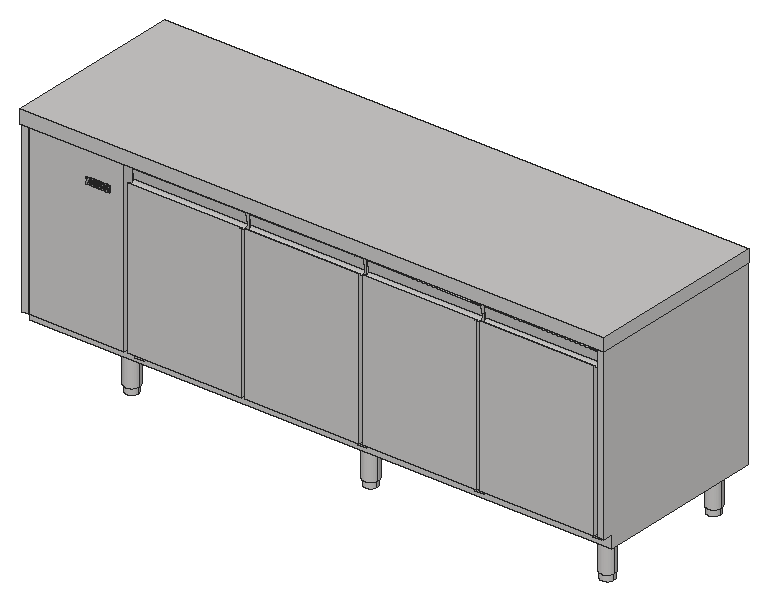
Revit family "QF_ZANUSSI_111053_ZH4HBAAAA", category Specialty Equipment, Revit 2018
Family settings
  Round Connector Dimension = Use Diameter
  Part Type = Normal
  Work Plane-Based = No
  Always vertical = Yes
  Cut with Voids When Loaded = No
  Shared = No
  Room Calculation Point = No
Parameters
  Weight = 0.00 kg
  Watts = 0.0232258 W
  Volts = 220 V
  URL Manufacturer = "http://www.zanussiprofessional.com/"
  URL = "http://www.zanussiprofessional.com/"
  Steam Supply Size = 0 mm
  Steam Supply Minimum Pressure = 0.0 Pa
  Steam Supply Maximum Pressure = 0.0 Pa
  Steam Pounds per Hour = 0
  Show Logo [instance] = yes
  Show Clearance [instance] = yes
  Refrigeration Suction Line Size = 0 mm
  Refrigeration Liquid Line Size = 0 mm
  Refrigerant Compressor Remote = yes
  Manufacturer = "Zanussi"
  Phase = 1
  Model = "ZH4HBAAAA"
  Length Actual = 2253 mm  # constant formula
  Item Number = "111053"
  Hot Water Size = 0 mm
  Height Actual = 900 mm  # constant formula
  HP = "0.3 HP"
  Gas Size = 0 mm
  Gas KW = 0
  Gas Input Pressure = 0 W
  Description = "4 DOORS REFRIGERATED TABLE 590L"
  Depth Actual = 700 mm  # constant formula
  Cycle = 50 Hz
  Condensate Return Size = 0 mm
  Compressed Air Volume = 0.0 L/s
  Compressed Air Size = 0 mm
  Compressed Air Pressure = 0.0 Pa
  Cold Water Size = 0 mm
  Accessory = yes
Reference planes
  plane 1 "Center X": y = 182.5
  plane 2: z = 0
  plane 3 "Center Y": x = -580.5
  plane 4: y = -62.5
  plane 5: y = 451.5
  plane 6 "BACK": y = 532.5
  plane 7 "FRONT": y = -167.5
  plane 8: x = -1360
  plane 9: x = 478
  plane 10: z = 150
  plane 11 "TOP": z = 900
  plane 12: z = 850
  plane 13 "LEFT": x = -1705
  plane 14 "RIGHT": x = 544
  plane 15: x = -437
  plane 16: x = -1707
  plane 17: x = 546
Forms (mm)
  Extrusion 1, solid, material "QF_Finishes_Stainless Steel"
    sketch origin (-580.5, 2, 0) x (0, 1, 0) y (0, 0, 1)
      loop
        line (530.5, 150) -> (530.5, 850) -> (-124.5, 850) -> (-124.5, 150) -> (530.5, 150)
    from -1124.5 to 1124.5
  Extrusion 2, solid, material "QF_Finishes_Stainless Steel"
    sketch origin (-1022.223, -1524, 150) x (-1, 0, 0) y (0, -1, 0)
      loop
        line (682.777, -1361.5) -> (657.777, -1361.5) -> (657.777, -1401.5) -> (682.777, -1401.5) -> (682.777, -1361.5)
      loop
        line (-1566.223, -1401.5) -> (-1541.223, -1401.5) -> (-1541.223, -1361.5) -> (-1566.223, -1361.5) -> (-1566.223, -1401.5)
    from 47 to 700
  Extrusion 3, solid, material "QF_Finishes_Stainless Steel"
    sketch origin (0, 0, 900) x (-1, 0, 0) y (0, -1, 0)
      loop
        circle (-57, -94.5) r 8.45
      loop
        circle (851, -94.5) r 8.45
    from -790.577 to -750
  Extrusion 4, solid, material "QF_Finishes_Stainless Steel"
    sketch origin (0, 0, 0) x (1, 0, 0) y (0, 1, 0)
      loop
        circle (-1621, 451.5) r 4
    from 109.423 to 150
  Extrusion 5, solid, material "QF_Finishes_Stainless Steel"
    sketch origin (-126.5, 0, 0) x (0, 1, 0) y (0, 0, 1)
      loop
        line (-167.5, 900) -> (-167.5, 850) -> (532.5, 850) -> (532.5, 900) -> (-167.5, 900)
    from 672.5 to -1580.5
Cuts and joins
  joined: Extrusion 1, Extrusion 2
Lines and regions (mm)
  symbolic lines, style "SpecialityEquipmentHiddenLines"
    curve 1: line (-1707, -122.5, 900) -> (546, -122.5, 900)
    curve 2: line (-1304, -167.5, 900) -> (-1304, -122.5, 900)
  symbolic lines, style "SpecialityEquipment"
    curve 3: line (-1707, 532.5, 900) -> (546, 532.5, 900)
    curve 4: line (-1707, 532.5, 900) -> (-1707, -167.5, 900)
    curve 5: line (-1707, -167.5, 900) -> (546, -167.5, 900)
    curve 6: line (546, -167.5, 900) -> (546, 532.5, 900)
Dimensions and locks
  locked: plane 6 "BACK" to plane 7 "FRONT" at 700
  equal spacing: plane 6 "BACK", plane 1 "Center X", plane 7 "FRONT"
  locked: plane 6 "BACK" to plane 5 at 81
  plane 10 to level = 150 mm
  plane 11 "TOP" to plane 12 to plane 10 = 50 mm locked, 700 mm locked
  locked: Extrusion 2 sketch curve to Extrusion 2 sketch curve at 25  (x2)
  locked: plane 4 to plane 7 "FRONT" at 105
  locked: plane 6 "BACK" to Extrusion 3 sketch curve at 438  (x2)
  equal spacing: plane 13 "LEFT", plane 3 "Center Y", plane 14 "RIGHT"
  plane 16 to plane 17 = 2253 mm
  locked: plane 13 "LEFT" to plane 8 at 345
  plane 15 to plane 9 to plane 14 "RIGHT" = 915 mm locked, 66 mm locked
  Extrusion 3 sketch curve to Extrusion 3 sketch curve to plane 14 "RIGHT" = 908 mm locked, 487 mm locked
  plane 13 "LEFT" to Extrusion 4 sketch curve = 84 mm
  locked: plane 6 "BACK" to Extrusion 4 sketch curve at 81
  locked: plane 10 to Extrusion 4 at 40.577
  aligned and locked: level to plane 2
  aligned and locked: plane 10 to Extrusion 3
  aligned and locked: nested 4 to plane 4
  aligned and locked: nested 1 to plane 4
  aligned and locked: nested 3 to plane 5
  aligned and locked: nested 2 to plane 5
  aligned and locked: plane 8 to nested 1
  aligned and locked: plane 8 to nested 2
  aligned and locked: plane 9 to nested 4
  aligned and locked: plane 9 to nested 3
  aligned and locked: Extrusion 1 to Extrusion 2
  aligned and locked: Extrusion 2 to Extrusion 1
  aligned and locked: Extrusion 2 sketch curve to plane 14 "RIGHT"
  aligned and locked: plane 13 "LEFT" to Extrusion 2 sketch curve
  aligned and locked: cut or joined group of Extrusion 1, Extrusion 2 to plane 10
  aligned and locked: plane 12 to cut or joined group of Extrusion 1, Extrusion 2
  aligned and locked: plane 10 to Extrusion 4
  aligned and locked: plane 15 to nested 11
  aligned and locked: plane 15 to nested 12
Automatic sketch dimensions
  plane 7 "FRONT" to Extrusion 2 sketch curve = 45 mm  (x2)
  plane 7 "FRONT" to Extrusion 2 sketch curve = 5 mm  (x2)
  curve 2 to plane 7 "FRONT" = 0 mm
  curve 5 to plane 16 = 0 mm
  curve 3 to plane 6 "BACK" = 0 mm
  plane 8 to curve 2 = 56 mm
  plane 7 "FRONT" to curve 1 = 45 mm
  Extrusion 1 sketch curve to plane 10 = 0 mm
  Extrusion 1 sketch curve to plane 12 = 0 mm
  Extrusion 1 sketch curve to plane 6 "BACK" = 0 mm
  plane 7 "FRONT" to Extrusion 1 sketch curve = 45 mm
  Extrusion 5 sketch curve to plane 7 "FRONT" = 0 mm
  Extrusion 5 sketch curve to plane 6 "BACK" = 0 mm
  Extrusion 5 sketch curve to plane 12 = 0 mm
  Extrusion 5 sketch curve to plane 11 "TOP" = 0 mm
  curve 6 to plane 17 = 0 mm
  radius of Extrusion 3 sketch curve = 8.45 mm  (x2)
  radius of Extrusion 4 sketch curve = 4 mm
Nested families
  nested 1: "Foot_Ø50_H150" at (-1360, -62.5, 0), type "Foot_Ø50_H150"
  nested 2: "Foot_Ø50_H150" at (-1360, 451.5, 0), type "Foot_Ø50_H150"
  nested 3: "Foot_Ø50_H150" at (478, 451.5, 0), type "Foot_Ø50_H150"
  nested 4: "Foot_Ø50_H150" at (478, -62.5, 0), type "Foot_Ø50_H150"
  nested 5: "Door" at (285, -164.5, 0), Show Clearance <- "Show Clearance", type "Door"
  nested 6: "Door" at (-169, -164.5, 0), Show Clearance <- "Show Clearance", type "Door"
  nested 7: "Refrigerator" at (544, -167.5, 900), type "Refrigerator"
  nested 8: "ZAN_Cooling Unit" at (-1495.5, -164.5, 0), Show Logo <- "Show Logo", type "ZAN_Cooling Unit"
  nested 9: "Door" at (-623, -164.5, 0), Show Clearance <- "Show Clearance", type "Door"
  nested 10: "Door" at (-1077, -164.5, 0) x (-1, 0, 0) z (0, 0, 1), Show Clearance <- "Show Clearance", type "Door"
  nested 11: "Foot_Ø50_H150" at (-437, -62.5, 0), type "Foot_Ø50_H150"
  nested 12: "Foot_Ø50_H150" at (-437, 451.5, 0), type "Foot_Ø50_H150"
Connectors
  electrical at (-1621, 451.5, 109.423), driven by "Volts"
    settings: on Extrusion 4, index 4, voltage 220 V, apparent load 0 VA, apparent load phase1 0 VA, apparent load phase2 0 VA, apparent load phase3 0 VA, power factor 1, load classification "Altro", number of poles 1, system type 30, power factor state 1, is connector primary yes, connector utility no, sub classification motor no, connector description "Electrical Connection"
  piping at (57, 94.5, 109.423), diameter 17
    settings: on Extrusion 3, index 5, connector inside diameter 609.6 mm, connector length 0 mm, flow factor 0, pipe flow 0.0 L/s, pressure drop 0.0 Pa, fitting loss kfactor 0, connector angle 0.00°, fixture units 0, engagement length 0 mm, angle of deflection 0.00°, flow configuration 1, flow direction 2, fitting loss method 0, system type 16, joint type 0, gender type 0, connector reference index -1, connector utility 0, adjustable connector no, is connector primary yes, connector description "Drain"
  piping at (-851, 94.5, 109.423), diameter 17
    settings: on Extrusion 3, index 6, connector inside diameter 609.6 mm, connector length 0 mm, flow factor 0, pipe flow 0.0 L/s, pressure drop 0.0 Pa, fitting loss kfactor 0, connector angle 0.00°, fixture units 0, engagement length 0 mm, angle of deflection 0.00°, flow configuration 1, flow direction 2, fitting loss method 0, system type 16, joint type 0, gender type 0, connector reference index -1, connector utility 0, adjustable connector no, is connector primary no, connector description "Drain"
Definition of nested family "Foot_Ø50_H150"
  Reference planes
    plane 1 "Centro (Fronte/Retro)": y = 0
    plane 2: z = 0
    plane 3 "Centro (Sinistra/Destra)": x = 0
    plane 4: z = 150
  Forms (mm)
    Revolve 1, solid
      sketch origin (255.05, 0, 608.09) x (0, 0, 1) y (-1, 0, 0)
        loop
          line (-608.09, 255.05) -> (-608.09, 230.05) -> (-583.09, 230.05) -> (-583.09, 226.05) -> (-458.09, 226.05) -> (-458.09, 255.05) -> (-608.09, 255.05)
        axis (-608.09, 255.05) -> (-458.09, 255.05)
      angle from 0 to 360
  Dimensions and locks
    locked: Revolve 1 sketch curve to Revolve 1 sketch curve at 125
    aligned and locked: level to plane 2
    aligned and locked: plane 4 to Revolve 1 sketch curve
    aligned and locked: Revolve 1 sketch curve to level
    aligned and locked: plane 3 "Centro (Sinistra/Destra)" to Revolve 1 sketch curve
Definition of nested family "Door"
  Parameters
    Show Clearance [instance] = yes
  Reference planes
    plane 1 "FRONT": y = -3
    plane 2: z = 0
    plane 3 "Centro (Sinistra/Destra)": x = 0
    plane 4: z = 150
    plane 5: z = 850
    plane 6: x = -234
    plane 7: x = 234
    plane 8: x = -220
    plane 9: x = 220
  Forms (mm)
    Extrusion 1, solid
      sketch origin (0, 53, 511) x (0, 0, 1) y (0, -1, 0)
        loop
          line (-323.003, 28.5) -> (-316.501, 28.5) -> (-316.501, 31) -> (-325.503, 31) -> (-325.503, 13.5) -> (-345.503, 13.5) -> (-345.503, 11) -> (-323.003, 11) -> (-323.003, 23.259) -> (-323.003, 28.5)
        loop
          line (-314, 27) -> (-316.501, 27) -> (-316.501, 18.501) -> (-319.752, 18.501) -> (-319.752, 16) -> (-314, 16) -> (-314, 27)
        loop
          line (315.003, 27) -> (315.003, 13.948) -> (315.003, 11) -> (327.503, 11) -> (327.503, 13.5) -> (317.503, 13.5) -> (317.503, 27) -> (315.003, 27)
      from 185 to 220
    Extrusion 2, solid, visible <- "Show Clearance", detail levels coarse
      sketch origin (0, 53, 511) x (0, -1, 0) y (1, 0, 0)
        loop
          line (51, 220) -> (51, -220)
          arc (51, -220) -> (339.234, -79.44) -> (454, 220) r 437.168
          line (454, 220) -> (51, 220)
      from -314 to 314
    Extrusion 3, solid
      sketch origin (0, 55, 511) x (0, 0, 1) y (0, -1, 0)
        loop
          line (314, 18) -> (314, 29) -> (274.395, 22.5)
          arc (274.395, 22.5) -> (260.395, 36.5) -> (274.395, 50.5) r 14
          line (274.395, 50.5) -> (274.395, 53) -> (-314, 53) -> (-314, 18) -> (314, 18)
      from -220 to 220
  Lines and regions (mm)
    symbolic lines
      curve 1: line (220, -3, 0) -> (220, -401, 0)
      curve 2: line (220, -401, 0) -> (185, -401, 0)
      curve 3: line (185, -401, 0) -> (185, -3, 0)
      curve 4: arc (-219.722, -3, 0) -> (-89.51, -275.368, 0) -> (185, -401, 0) r 442.855
  Dimensions and locks
    aligned and locked: level to plane 2
Definition of nested family "ZAN_Cooling Unit"
  Parameters
    Show Logo [instance] = yes
  Reference planes
    plane 1 "FRONT": y = -3
    plane 2: z = 0
    plane 3 "Centro (Sinistra/Destra)": x = 0
    plane 4: z = 150
    plane 5: z = 850
    plane 6: x = -184.5
    plane 7: x = 184.5
  Forms (mm)
    Extrusion 1, solid
      sketch origin (0, 55, 511) x (0, 0, 1) y (0, -1, 0)
        loop
          line (-314, 53) -> (-314, 13) -> (339, 13) -> (339, 53) -> (-314, 53)
      from -184.5 to 184.5
  Lines and regions (mm)
    Split face 1
      outline origin (0, 2, 197) x (0, 0, 1) y (-1, 0, 0)
        loop
          line (566.835, 184.5) -> (566.835, -184.5)
        loop
          line (521.835, 184.5) -> (521.835, -184.5)
    Split face 2
      outline origin (0, 2, 197) x (0, 0, 1) y (-1, 0, 0)
        loop
          arc (510.649, 158.547) -> (506.648, 162.548) -> (502.647, 158.547) r 4.001
          line (502.647, 158.547) -> (502.647, 116.535)
          arc (502.647, 116.535) -> (506.648, 112.533) -> (510.649, 116.535) r 4.001
          line (510.649, 116.535) -> (510.649, 158.547)
    Split face 3
      outline origin (0, 2, 184.996) x (0, 0, 1) y (-1, 0, 0)
        loop
          arc (510.649, 158.547) -> (506.648, 162.548) -> (502.647, 158.547) r 4.001
          line (502.647, 158.547) -> (502.647, 116.535)
          arc (502.647, 116.535) -> (506.648, 112.533) -> (510.649, 116.535) r 4.001
          line (510.649, 116.535) -> (510.649, 158.547)
    Split face 4
      outline origin (0, 2, 172.993) x (0, 0, 1) y (-1, 0, 0)
        loop
          arc (510.649, 158.547) -> (506.648, 162.548) -> (502.647, 158.547) r 4.001
          line (502.647, 158.547) -> (502.647, 116.535)
          arc (502.647, 116.535) -> (506.648, 112.533) -> (510.649, 116.535) r 4.001
          line (510.649, 116.535) -> (510.649, 158.547)
    Split face 5
      outline origin (0, 2, 160.989) x (0, 0, 1) y (-1, 0, 0)
        loop
          arc (510.649, 158.547) -> (506.648, 162.548) -> (502.647, 158.547) r 4.001
          line (502.647, 158.547) -> (502.647, 116.535)
          arc (502.647, 116.535) -> (506.648, 112.533) -> (510.649, 116.535) r 4.001
          line (510.649, 116.535) -> (510.649, 158.547)
    Split face 6
      outline origin (0, 2, 148.986) x (0, 0, 1) y (-1, 0, 0)
        loop
          arc (510.649, 158.547) -> (506.648, 162.548) -> (502.647, 158.547) r 4.001
          line (502.647, 158.547) -> (502.647, 116.535)
          arc (502.647, 116.535) -> (506.648, 112.533) -> (510.649, 116.535) r 4.001
          line (510.649, 116.535) -> (510.649, 158.547)
    Split face 7
      outline origin (0, 2, 136.982) x (0, 0, 1) y (-1, 0, 0)
        loop
          arc (510.649, 158.547) -> (506.648, 162.548) -> (502.647, 158.547) r 4.001
          line (502.647, 158.547) -> (502.647, 116.535)
          arc (502.647, 116.535) -> (506.648, 112.533) -> (510.649, 116.535) r 4.001
          line (510.649, 116.535) -> (510.649, 158.547)
    Split face 8
      outline origin (0, 2, 124.979) x (0, 0, 1) y (-1, 0, 0)
        loop
          arc (510.649, 158.547) -> (506.648, 162.548) -> (502.647, 158.547) r 4.001
          line (502.647, 158.547) -> (502.647, 116.535)
          arc (502.647, 116.535) -> (506.648, 112.533) -> (510.649, 116.535) r 4.001
          line (510.649, 116.535) -> (510.649, 158.547)
    Split face 9
      outline origin (0, 2, 112.975) x (0, 0, 1) y (-1, 0, 0)
        loop
          arc (510.649, 158.547) -> (506.648, 162.548) -> (502.647, 158.547) r 4.001
          line (502.647, 158.547) -> (502.647, 116.535)
          arc (502.647, 116.535) -> (506.648, 112.533) -> (510.649, 116.535) r 4.001
          line (510.649, 116.535) -> (510.649, 158.547)
    Split face 10
      outline origin (0, 2, 100.972) x (0, 0, 1) y (-1, 0, 0)
        loop
          arc (510.649, 158.547) -> (506.648, 162.548) -> (502.647, 158.547) r 4.001
          line (502.647, 158.547) -> (502.647, 116.535)
          arc (502.647, 116.535) -> (506.648, 112.533) -> (510.649, 116.535) r 4.001
          line (510.649, 116.535) -> (510.649, 158.547)
    Split face 11
      outline origin (0, 2, 88.968) x (0, 0, 1) y (-1, 0, 0)
        loop
          arc (510.649, 158.547) -> (506.648, 162.548) -> (502.647, 158.547) r 4.001
          line (502.647, 158.547) -> (502.647, 116.535)
          arc (502.647, 116.535) -> (506.648, 112.533) -> (510.649, 116.535) r 4.001
          line (510.649, 116.535) -> (510.649, 158.547)
    Split face 12
      outline origin (0, 2, 76.965) x (0, 0, 1) y (-1, 0, 0)
        loop
          arc (510.649, 158.547) -> (506.648, 162.548) -> (502.647, 158.547) r 4.001
          line (502.647, 158.547) -> (502.647, 116.535)
          arc (502.647, 116.535) -> (506.648, 112.533) -> (510.649, 116.535) r 4.001
          line (510.649, 116.535) -> (510.649, 158.547)
    Split face 13
      outline origin (0, 2, 64.961) x (0, 0, 1) y (-1, 0, 0)
        loop
          arc (510.649, 158.547) -> (506.648, 162.548) -> (502.647, 158.547) r 4.001
          line (502.647, 158.547) -> (502.647, 116.535)
          arc (502.647, 116.535) -> (506.648, 112.533) -> (510.649, 116.535) r 4.001
          line (510.649, 116.535) -> (510.649, 158.547)
    Split face 14
      outline origin (0, 2, 52.958) x (0, 0, 1) y (-1, 0, 0)
        loop
          arc (510.649, 158.547) -> (506.648, 162.548) -> (502.647, 158.547) r 4.001
          line (502.647, 158.547) -> (502.647, 116.535)
          arc (502.647, 116.535) -> (506.648, 112.533) -> (510.649, 116.535) r 4.001
          line (510.649, 116.535) -> (510.649, 158.547)
    Split face 15
      outline origin (0, 2, 40.954) x (0, 0, 1) y (-1, 0, 0)
        loop
          arc (510.649, 158.547) -> (506.648, 162.548) -> (502.647, 158.547) r 4.001
          line (502.647, 158.547) -> (502.647, 116.535)
          arc (502.647, 116.535) -> (506.648, 112.533) -> (510.649, 116.535) r 4.001
          line (510.649, 116.535) -> (510.649, 158.547)
    Split face 16
      outline origin (0, 2, 28.951) x (0, 0, 1) y (-1, 0, 0)
        loop
          arc (510.649, 158.547) -> (506.648, 162.548) -> (502.647, 158.547) r 4.001
          line (502.647, 158.547) -> (502.647, 116.535)
          arc (502.647, 116.535) -> (506.648, 112.533) -> (510.649, 116.535) r 4.001
          line (510.649, 116.535) -> (510.649, 158.547)
    Split face 17
      outline origin (0, 2, 16.947) x (0, 0, 1) y (-1, 0, 0)
        loop
          arc (510.649, 158.547) -> (506.648, 162.548) -> (502.647, 158.547) r 4.001
          line (502.647, 158.547) -> (502.647, 116.535)
          arc (502.647, 116.535) -> (506.648, 112.533) -> (510.649, 116.535) r 4.001
          line (510.649, 116.535) -> (510.649, 158.547)
    Split face 18
      outline origin (55.016, 2, 197) x (0, 0, 1) y (-1, 0, 0)
        loop
          arc (510.649, 158.547) -> (506.648, 162.548) -> (502.647, 158.547) r 4.001
          line (502.647, 158.547) -> (502.647, 116.535)
          arc (502.647, 116.535) -> (506.648, 112.533) -> (510.649, 116.535) r 4.001
          line (510.649, 116.535) -> (510.649, 158.547)
    Split face 19
      outline origin (55.016, 2, 184.996) x (0, 0, 1) y (-1, 0, 0)
        loop
          arc (510.649, 158.547) -> (506.648, 162.548) -> (502.647, 158.547) r 4.001
          line (502.647, 158.547) -> (502.647, 116.535)
          arc (502.647, 116.535) -> (506.648, 112.533) -> (510.649, 116.535) r 4.001
          line (510.649, 116.535) -> (510.649, 158.547)
    Split face 20
      outline origin (55.016, 2, 172.993) x (0, 0, 1) y (-1, 0, 0)
        loop
          arc (510.649, 158.547) -> (506.648, 162.548) -> (502.647, 158.547) r 4.001
          line (502.647, 158.547) -> (502.647, 116.535)
          arc (502.647, 116.535) -> (506.648, 112.533) -> (510.649, 116.535) r 4.001
          line (510.649, 116.535) -> (510.649, 158.547)
    Split face 21
      outline origin (55.016, 2, 160.989) x (0, 0, 1) y (-1, 0, 0)
        loop
          arc (510.649, 158.547) -> (506.648, 162.548) -> (502.647, 158.547) r 4.001
          line (502.647, 158.547) -> (502.647, 116.535)
          arc (502.647, 116.535) -> (506.648, 112.533) -> (510.649, 116.535) r 4.001
          line (510.649, 116.535) -> (510.649, 158.547)
    Split face 22
      outline origin (55.016, 2, 148.986) x (0, 0, 1) y (-1, 0, 0)
        loop
          arc (510.649, 158.547) -> (506.648, 162.548) -> (502.647, 158.547) r 4.001
          line (502.647, 158.547) -> (502.647, 116.535)
          arc (502.647, 116.535) -> (506.648, 112.533) -> (510.649, 116.535) r 4.001
          line (510.649, 116.535) -> (510.649, 158.547)
    Split face 23
      outline origin (55.016, 2, 136.982) x (0, 0, 1) y (-1, 0, 0)
        loop
          arc (510.649, 158.547) -> (506.648, 162.548) -> (502.647, 158.547) r 4.001
          line (502.647, 158.547) -> (502.647, 116.535)
          arc (502.647, 116.535) -> (506.648, 112.533) -> (510.649, 116.535) r 4.001
          line (510.649, 116.535) -> (510.649, 158.547)
    Split face 24
      outline origin (55.016, 2, 124.979) x (0, 0, 1) y (-1, 0, 0)
        loop
          arc (510.649, 158.547) -> (506.648, 162.548) -> (502.647, 158.547) r 4.001
          line (502.647, 158.547) -> (502.647, 116.535)
          arc (502.647, 116.535) -> (506.648, 112.533) -> (510.649, 116.535) r 4.001
          line (510.649, 116.535) -> (510.649, 158.547)
    Split face 25
      outline origin (55.016, 2, 112.975) x (0, 0, 1) y (-1, 0, 0)
        loop
          arc (510.649, 158.547) -> (506.648, 162.548) -> (502.647, 158.547) r 4.001
          line (502.647, 158.547) -> (502.647, 116.535)
          arc (502.647, 116.535) -> (506.648, 112.533) -> (510.649, 116.535) r 4.001
          line (510.649, 116.535) -> (510.649, 158.547)
    Split face 26
      outline origin (55.016, 2, 100.972) x (0, 0, 1) y (-1, 0, 0)
        loop
          arc (510.649, 158.547) -> (506.648, 162.548) -> (502.647, 158.547) r 4.001
          line (502.647, 158.547) -> (502.647, 116.535)
          arc (502.647, 116.535) -> (506.648, 112.533) -> (510.649, 116.535) r 4.001
          line (510.649, 116.535) -> (510.649, 158.547)
    Split face 27
      outline origin (55.016, 2, 88.968) x (0, 0, 1) y (-1, 0, 0)
        loop
          arc (510.649, 158.547) -> (506.648, 162.548) -> (502.647, 158.547) r 4.001
          line (502.647, 158.547) -> (502.647, 116.535)
          arc (502.647, 116.535) -> (506.648, 112.533) -> (510.649, 116.535) r 4.001
          line (510.649, 116.535) -> (510.649, 158.547)
    Split face 28
      outline origin (55.016, 2, 76.965) x (0, 0, 1) y (-1, 0, 0)
        loop
          arc (510.649, 158.547) -> (506.648, 162.548) -> (502.647, 158.547) r 4.001
          line (502.647, 158.547) -> (502.647, 116.535)
          arc (502.647, 116.535) -> (506.648, 112.533) -> (510.649, 116.535) r 4.001
          line (510.649, 116.535) -> (510.649, 158.547)
    Split face 29
      outline origin (55.016, 2, 64.961) x (0, 0, 1) y (-1, 0, 0)
        loop
          arc (510.649, 158.547) -> (506.648, 162.548) -> (502.647, 158.547) r 4.001
          line (502.647, 158.547) -> (502.647, 116.535)
          arc (502.647, 116.535) -> (506.648, 112.533) -> (510.649, 116.535) r 4.001
          line (510.649, 116.535) -> (510.649, 158.547)
    Split face 30
      outline origin (55.016, 2, 52.958) x (0, 0, 1) y (-1, 0, 0)
        loop
          arc (510.649, 158.547) -> (506.648, 162.548) -> (502.647, 158.547) r 4.001
          line (502.647, 158.547) -> (502.647, 116.535)
          arc (502.647, 116.535) -> (506.648, 112.533) -> (510.649, 116.535) r 4.001
          line (510.649, 116.535) -> (510.649, 158.547)
    Split face 31
      outline origin (55.016, 2, 40.954) x (0, 0, 1) y (-1, 0, 0)
        loop
          arc (510.649, 158.547) -> (506.648, 162.548) -> (502.647, 158.547) r 4.001
          line (502.647, 158.547) -> (502.647, 116.535)
          arc (502.647, 116.535) -> (506.648, 112.533) -> (510.649, 116.535) r 4.001
          line (510.649, 116.535) -> (510.649, 158.547)
    Split face 32
      outline origin (55.016, 2, 28.951) x (0, 0, 1) y (-1, 0, 0)
        loop
          arc (510.649, 158.547) -> (506.648, 162.548) -> (502.647, 158.547) r 4.001
          line (502.647, 158.547) -> (502.647, 116.535)
          arc (502.647, 116.535) -> (506.648, 112.533) -> (510.649, 116.535) r 4.001
          line (510.649, 116.535) -> (510.649, 158.547)
    Split face 33
      outline origin (55.016, 2, 16.947) x (0, 0, 1) y (-1, 0, 0)
        loop
          arc (510.649, 158.547) -> (506.648, 162.548) -> (502.647, 158.547) r 4.001
          line (502.647, 158.547) -> (502.647, 116.535)
          arc (502.647, 116.535) -> (506.648, 112.533) -> (510.649, 116.535) r 4.001
          line (510.649, 116.535) -> (510.649, 158.547)
    Split face 34
      outline origin (110.032, 2, 197) x (0, 0, 1) y (-1, 0, 0)
        loop
          arc (510.649, 158.547) -> (506.648, 162.548) -> (502.647, 158.547) r 4.001
          line (502.647, 158.547) -> (502.647, 116.535)
          arc (502.647, 116.535) -> (506.648, 112.533) -> (510.649, 116.535) r 4.001
          line (510.649, 116.535) -> (510.649, 158.547)
    Split face 35
      outline origin (110.032, 2, 184.996) x (0, 0, 1) y (-1, 0, 0)
        loop
          arc (510.649, 158.547) -> (506.648, 162.548) -> (502.647, 158.547) r 4.001
          line (502.647, 158.547) -> (502.647, 116.535)
          arc (502.647, 116.535) -> (506.648, 112.533) -> (510.649, 116.535) r 4.001
          line (510.649, 116.535) -> (510.649, 158.547)
    Split face 36
      outline origin (110.032, 2, 172.993) x (0, 0, 1) y (-1, 0, 0)
        loop
          arc (510.649, 158.547) -> (506.648, 162.548) -> (502.647, 158.547) r 4.001
          line (502.647, 158.547) -> (502.647, 116.535)
          arc (502.647, 116.535) -> (506.648, 112.533) -> (510.649, 116.535) r 4.001
          line (510.649, 116.535) -> (510.649, 158.547)
    Split face 37
      outline origin (110.032, 2, 160.989) x (0, 0, 1) y (-1, 0, 0)
        loop
          arc (510.649, 158.547) -> (506.648, 162.548) -> (502.647, 158.547) r 4.001
          line (502.647, 158.547) -> (502.647, 116.535)
          arc (502.647, 116.535) -> (506.648, 112.533) -> (510.649, 116.535) r 4.001
          line (510.649, 116.535) -> (510.649, 158.547)
    Split face 38
      outline origin (110.032, 2, 148.986) x (0, 0, 1) y (-1, 0, 0)
        loop
          arc (510.649, 158.547) -> (506.648, 162.548) -> (502.647, 158.547) r 4.001
          line (502.647, 158.547) -> (502.647, 116.535)
          arc (502.647, 116.535) -> (506.648, 112.533) -> (510.649, 116.535) r 4.001
          line (510.649, 116.535) -> (510.649, 158.547)
    Split face 39
      outline origin (110.032, 2, 136.982) x (0, 0, 1) y (-1, 0, 0)
        loop
          arc (510.649, 158.547) -> (506.648, 162.548) -> (502.647, 158.547) r 4.001
          line (502.647, 158.547) -> (502.647, 116.535)
          arc (502.647, 116.535) -> (506.648, 112.533) -> (510.649, 116.535) r 4.001
          line (510.649, 116.535) -> (510.649, 158.547)
    Split face 40
      outline origin (110.032, 2, 124.979) x (0, 0, 1) y (-1, 0, 0)
        loop
          arc (510.649, 158.547) -> (506.648, 162.548) -> (502.647, 158.547) r 4.001
          line (502.647, 158.547) -> (502.647, 116.535)
          arc (502.647, 116.535) -> (506.648, 112.533) -> (510.649, 116.535) r 4.001
          line (510.649, 116.535) -> (510.649, 158.547)
    Split face 41
      outline origin (110.032, 2, 112.975) x (0, 0, 1) y (-1, 0, 0)
        loop
          arc (510.649, 158.547) -> (506.648, 162.548) -> (502.647, 158.547) r 4.001
          line (502.647, 158.547) -> (502.647, 116.535)
          arc (502.647, 116.535) -> (506.648, 112.533) -> (510.649, 116.535) r 4.001
          line (510.649, 116.535) -> (510.649, 158.547)
    Split face 42
      outline origin (110.032, 2, 100.972) x (0, 0, 1) y (-1, 0, 0)
        loop
          arc (510.649, 158.547) -> (506.648, 162.548) -> (502.647, 158.547) r 4.001
          line (502.647, 158.547) -> (502.647, 116.535)
          arc (502.647, 116.535) -> (506.648, 112.533) -> (510.649, 116.535) r 4.001
          line (510.649, 116.535) -> (510.649, 158.547)
    Split face 43
      outline origin (110.032, 2, 88.968) x (0, 0, 1) y (-1, 0, 0)
        loop
          arc (510.649, 158.547) -> (506.648, 162.548) -> (502.647, 158.547) r 4.001
          line (502.647, 158.547) -> (502.647, 116.535)
          arc (502.647, 116.535) -> (506.648, 112.533) -> (510.649, 116.535) r 4.001
          line (510.649, 116.535) -> (510.649, 158.547)
    Split face 44
      outline origin (110.032, 2, 76.965) x (0, 0, 1) y (-1, 0, 0)
        loop
          arc (510.649, 158.547) -> (506.648, 162.548) -> (502.647, 158.547) r 4.001
          line (502.647, 158.547) -> (502.647, 116.535)
          arc (502.647, 116.535) -> (506.648, 112.533) -> (510.649, 116.535) r 4.001
          line (510.649, 116.535) -> (510.649, 158.547)
    Split face 45
      outline origin (110.032, 2, 64.961) x (0, 0, 1) y (-1, 0, 0)
        loop
          arc (510.649, 158.547) -> (506.648, 162.548) -> (502.647, 158.547) r 4.001
          line (502.647, 158.547) -> (502.647, 116.535)
          arc (502.647, 116.535) -> (506.648, 112.533) -> (510.649, 116.535) r 4.001
          line (510.649, 116.535) -> (510.649, 158.547)
    Split face 46
      outline origin (110.032, 2, 52.958) x (0, 0, 1) y (-1, 0, 0)
        loop
          arc (510.649, 158.547) -> (506.648, 162.548) -> (502.647, 158.547) r 4.001
          line (502.647, 158.547) -> (502.647, 116.535)
          arc (502.647, 116.535) -> (506.648, 112.533) -> (510.649, 116.535) r 4.001
          line (510.649, 116.535) -> (510.649, 158.547)
    Split face 47
      outline origin (110.032, 2, 40.954) x (0, 0, 1) y (-1, 0, 0)
        loop
          arc (510.649, 158.547) -> (506.648, 162.548) -> (502.647, 158.547) r 4.001
          line (502.647, 158.547) -> (502.647, 116.535)
          arc (502.647, 116.535) -> (506.648, 112.533) -> (510.649, 116.535) r 4.001
          line (510.649, 116.535) -> (510.649, 158.547)
    Split face 48
      outline origin (110.032, 2, 28.951) x (0, 0, 1) y (-1, 0, 0)
        loop
          arc (510.649, 158.547) -> (506.648, 162.548) -> (502.647, 158.547) r 4.001
          line (502.647, 158.547) -> (502.647, 116.535)
          arc (502.647, 116.535) -> (506.648, 112.533) -> (510.649, 116.535) r 4.001
          line (510.649, 116.535) -> (510.649, 158.547)
    Split face 49
      outline origin (110.032, 2, 16.947) x (0, 0, 1) y (-1, 0, 0)
        loop
          arc (510.649, 158.547) -> (506.648, 162.548) -> (502.647, 158.547) r 4.001
          line (502.647, 158.547) -> (502.647, 116.535)
          arc (502.647, 116.535) -> (506.648, 112.533) -> (510.649, 116.535) r 4.001
          line (510.649, 116.535) -> (510.649, 158.547)
    Split face 50
      outline origin (165.048, 2, 197) x (0, 0, 1) y (-1, 0, 0)
        loop
          arc (510.649, 158.547) -> (506.648, 162.548) -> (502.647, 158.547) r 4.001
          line (502.647, 158.547) -> (502.647, 116.535)
          arc (502.647, 116.535) -> (506.648, 112.533) -> (510.649, 116.535) r 4.001
          line (510.649, 116.535) -> (510.649, 158.547)
    Split face 51
      outline origin (165.048, 2, 184.996) x (0, 0, 1) y (-1, 0, 0)
        loop
          arc (510.649, 158.547) -> (506.648, 162.548) -> (502.647, 158.547) r 4.001
          line (502.647, 158.547) -> (502.647, 116.535)
          arc (502.647, 116.535) -> (506.648, 112.533) -> (510.649, 116.535) r 4.001
          line (510.649, 116.535) -> (510.649, 158.547)
    Split face 52
      outline origin (165.048, 2, 172.993) x (0, 0, 1) y (-1, 0, 0)
        loop
          arc (510.649, 158.547) -> (506.648, 162.548) -> (502.647, 158.547) r 4.001
          line (502.647, 158.547) -> (502.647, 116.535)
          arc (502.647, 116.535) -> (506.648, 112.533) -> (510.649, 116.535) r 4.001
          line (510.649, 116.535) -> (510.649, 158.547)
    Split face 53
      outline origin (165.048, 2, 160.989) x (0, 0, 1) y (-1, 0, 0)
        loop
          arc (510.649, 158.547) -> (506.648, 162.548) -> (502.647, 158.547) r 4.001
          line (502.647, 158.547) -> (502.647, 116.535)
          arc (502.647, 116.535) -> (506.648, 112.533) -> (510.649, 116.535) r 4.001
          line (510.649, 116.535) -> (510.649, 158.547)
    Split face 54
      outline origin (165.048, 2, 148.986) x (0, 0, 1) y (-1, 0, 0)
        loop
          arc (510.649, 158.547) -> (506.648, 162.548) -> (502.647, 158.547) r 4.001
          line (502.647, 158.547) -> (502.647, 116.535)
          arc (502.647, 116.535) -> (506.648, 112.533) -> (510.649, 116.535) r 4.001
          line (510.649, 116.535) -> (510.649, 158.547)
    Split face 55
      outline origin (165.048, 2, 136.982) x (0, 0, 1) y (-1, 0, 0)
        loop
          arc (510.649, 158.547) -> (506.648, 162.548) -> (502.647, 158.547) r 4.001
          line (502.647, 158.547) -> (502.647, 116.535)
          arc (502.647, 116.535) -> (506.648, 112.533) -> (510.649, 116.535) r 4.001
          line (510.649, 116.535) -> (510.649, 158.547)
    Split face 56
      outline origin (165.048, 2, 124.979) x (0, 0, 1) y (-1, 0, 0)
        loop
          arc (510.649, 158.547) -> (506.648, 162.548) -> (502.647, 158.547) r 4.001
          line (502.647, 158.547) -> (502.647, 116.535)
          arc (502.647, 116.535) -> (506.648, 112.533) -> (510.649, 116.535) r 4.001
          line (510.649, 116.535) -> (510.649, 158.547)
    Split face 57
      outline origin (165.048, 2, 112.975) x (0, 0, 1) y (-1, 0, 0)
        loop
          arc (510.649, 158.547) -> (506.648, 162.548) -> (502.647, 158.547) r 4.001
          line (502.647, 158.547) -> (502.647, 116.535)
          arc (502.647, 116.535) -> (506.648, 112.533) -> (510.649, 116.535) r 4.001
          line (510.649, 116.535) -> (510.649, 158.547)
    Split face 58
      outline origin (165.048, 2, 100.972) x (0, 0, 1) y (-1, 0, 0)
        loop
          arc (510.649, 158.547) -> (506.648, 162.548) -> (502.647, 158.547) r 4.001
          line (502.647, 158.547) -> (502.647, 116.535)
          arc (502.647, 116.535) -> (506.648, 112.533) -> (510.649, 116.535) r 4.001
          line (510.649, 116.535) -> (510.649, 158.547)
    Split face 59
      outline origin (165.048, 2, 88.968) x (0, 0, 1) y (-1, 0, 0)
        loop
          arc (510.649, 158.547) -> (506.648, 162.548) -> (502.647, 158.547) r 4.001
          line (502.647, 158.547) -> (502.647, 116.535)
          arc (502.647, 116.535) -> (506.648, 112.533) -> (510.649, 116.535) r 4.001
          line (510.649, 116.535) -> (510.649, 158.547)
    Split face 60
      outline origin (165.048, 2, 76.965) x (0, 0, 1) y (-1, 0, 0)
        loop
          arc (510.649, 158.547) -> (506.648, 162.548) -> (502.647, 158.547) r 4.001
          line (502.647, 158.547) -> (502.647, 116.535)
          arc (502.647, 116.535) -> (506.648, 112.533) -> (510.649, 116.535) r 4.001
          line (510.649, 116.535) -> (510.649, 158.547)
    Split face 61
      outline origin (165.048, 2, 64.961) x (0, 0, 1) y (-1, 0, 0)
        loop
          arc (510.649, 158.547) -> (506.648, 162.548) -> (502.647, 158.547) r 4.001
          line (502.647, 158.547) -> (502.647, 116.535)
          arc (502.647, 116.535) -> (506.648, 112.533) -> (510.649, 116.535) r 4.001
          line (510.649, 116.535) -> (510.649, 158.547)
    Split face 62
      outline origin (165.048, 2, 52.958) x (0, 0, 1) y (-1, 0, 0)
        loop
          arc (510.649, 158.547) -> (506.648, 162.548) -> (502.647, 158.547) r 4.001
          line (502.647, 158.547) -> (502.647, 116.535)
          arc (502.647, 116.535) -> (506.648, 112.533) -> (510.649, 116.535) r 4.001
          line (510.649, 116.535) -> (510.649, 158.547)
    Split face 63
      outline origin (165.048, 2, 40.954) x (0, 0, 1) y (-1, 0, 0)
        loop
          arc (510.649, 158.547) -> (506.648, 162.548) -> (502.647, 158.547) r 4.001
          line (502.647, 158.547) -> (502.647, 116.535)
          arc (502.647, 116.535) -> (506.648, 112.533) -> (510.649, 116.535) r 4.001
          line (510.649, 116.535) -> (510.649, 158.547)
    Split face 64
      outline origin (165.048, 2, 28.951) x (0, 0, 1) y (-1, 0, 0)
        loop
          arc (510.649, 158.547) -> (506.648, 162.548) -> (502.647, 158.547) r 4.001
          line (502.647, 158.547) -> (502.647, 116.535)
          arc (502.647, 116.535) -> (506.648, 112.533) -> (510.649, 116.535) r 4.001
          line (510.649, 116.535) -> (510.649, 158.547)
    Split face 65
      outline origin (165.048, 2, 16.947) x (0, 0, 1) y (-1, 0, 0)
        loop
          arc (510.649, 158.547) -> (506.648, 162.548) -> (502.647, 158.547) r 4.001
          line (502.647, 158.547) -> (502.647, 116.535)
          arc (502.647, 116.535) -> (506.648, 112.533) -> (510.649, 116.535) r 4.001
          line (510.649, 116.535) -> (510.649, 158.547)
    Split face 66
      outline origin (220.064, 2, 197) x (0, 0, 1) y (-1, 0, 0)
        loop
          arc (510.649, 158.547) -> (506.648, 162.548) -> (502.647, 158.547) r 4.001
          line (502.647, 158.547) -> (502.647, 116.535)
          arc (502.647, 116.535) -> (506.648, 112.533) -> (510.649, 116.535) r 4.001
          line (510.649, 116.535) -> (510.649, 158.547)
    Split face 67
      outline origin (220.064, 2, 184.996) x (0, 0, 1) y (-1, 0, 0)
        loop
          arc (510.649, 158.547) -> (506.648, 162.548) -> (502.647, 158.547) r 4.001
          line (502.647, 158.547) -> (502.647, 116.535)
          arc (502.647, 116.535) -> (506.648, 112.533) -> (510.649, 116.535) r 4.001
          line (510.649, 116.535) -> (510.649, 158.547)
    Split face 68
      outline origin (220.064, 2, 172.993) x (0, 0, 1) y (-1, 0, 0)
        loop
          arc (510.649, 158.547) -> (506.648, 162.548) -> (502.647, 158.547) r 4.001
          line (502.647, 158.547) -> (502.647, 116.535)
          arc (502.647, 116.535) -> (506.648, 112.533) -> (510.649, 116.535) r 4.001
          line (510.649, 116.535) -> (510.649, 158.547)
    Split face 69
      outline origin (220.064, 2, 160.989) x (0, 0, 1) y (-1, 0, 0)
        loop
          arc (510.649, 158.547) -> (506.648, 162.548) -> (502.647, 158.547) r 4.001
          line (502.647, 158.547) -> (502.647, 116.535)
          arc (502.647, 116.535) -> (506.648, 112.533) -> (510.649, 116.535) r 4.001
          line (510.649, 116.535) -> (510.649, 158.547)
    Split face 70
      outline origin (220.064, 2, 148.986) x (0, 0, 1) y (-1, 0, 0)
        loop
          arc (510.649, 158.547) -> (506.648, 162.548) -> (502.647, 158.547) r 4.001
          line (502.647, 158.547) -> (502.647, 116.535)
          arc (502.647, 116.535) -> (506.648, 112.533) -> (510.649, 116.535) r 4.001
          line (510.649, 116.535) -> (510.649, 158.547)
    Split face 71
      outline origin (220.064, 2, 136.982) x (0, 0, 1) y (-1, 0, 0)
        loop
          arc (510.649, 158.547) -> (506.648, 162.548) -> (502.647, 158.547) r 4.001
          line (502.647, 158.547) -> (502.647, 116.535)
          arc (502.647, 116.535) -> (506.648, 112.533) -> (510.649, 116.535) r 4.001
          line (510.649, 116.535) -> (510.649, 158.547)
    Split face 72
      outline origin (220.064, 2, 124.979) x (0, 0, 1) y (-1, 0, 0)
        loop
          arc (510.649, 158.547) -> (506.648, 162.548) -> (502.647, 158.547) r 4.001
          line (502.647, 158.547) -> (502.647, 116.535)
          arc (502.647, 116.535) -> (506.648, 112.533) -> (510.649, 116.535) r 4.001
          line (510.649, 116.535) -> (510.649, 158.547)
    Split face 73
      outline origin (220.064, 2, 112.975) x (0, 0, 1) y (-1, 0, 0)
        loop
          arc (510.649, 158.547) -> (506.648, 162.548) -> (502.647, 158.547) r 4.001
          line (502.647, 158.547) -> (502.647, 116.535)
          arc (502.647, 116.535) -> (506.648, 112.533) -> (510.649, 116.535) r 4.001
          line (510.649, 116.535) -> (510.649, 158.547)
    Split face 74
      outline origin (220.064, 2, 100.972) x (0, 0, 1) y (-1, 0, 0)
        loop
          arc (510.649, 158.547) -> (506.648, 162.548) -> (502.647, 158.547) r 4.001
          line (502.647, 158.547) -> (502.647, 116.535)
          arc (502.647, 116.535) -> (506.648, 112.533) -> (510.649, 116.535) r 4.001
          line (510.649, 116.535) -> (510.649, 158.547)
    Split face 75
      outline origin (220.064, 2, 88.968) x (0, 0, 1) y (-1, 0, 0)
        loop
          arc (510.649, 158.547) -> (506.648, 162.548) -> (502.647, 158.547) r 4.001
          line (502.647, 158.547) -> (502.647, 116.535)
          arc (502.647, 116.535) -> (506.648, 112.533) -> (510.649, 116.535) r 4.001
          line (510.649, 116.535) -> (510.649, 158.547)
    Split face 76
      outline origin (220.064, 2, 76.965) x (0, 0, 1) y (-1, 0, 0)
        loop
          arc (510.649, 158.547) -> (506.648, 162.548) -> (502.647, 158.547) r 4.001
          line (502.647, 158.547) -> (502.647, 116.535)
          arc (502.647, 116.535) -> (506.648, 112.533) -> (510.649, 116.535) r 4.001
          line (510.649, 116.535) -> (510.649, 158.547)
    Split face 77
      outline origin (220.064, 2, 64.961) x (0, 0, 1) y (-1, 0, 0)
        loop
          arc (510.649, 158.547) -> (506.648, 162.548) -> (502.647, 158.547) r 4.001
          line (502.647, 158.547) -> (502.647, 116.535)
          arc (502.647, 116.535) -> (506.648, 112.533) -> (510.649, 116.535) r 4.001
          line (510.649, 116.535) -> (510.649, 158.547)
    Split face 78
      outline origin (220.064, 2, 52.958) x (0, 0, 1) y (-1, 0, 0)
        loop
          arc (510.649, 158.547) -> (506.648, 162.548) -> (502.647, 158.547) r 4.001
          line (502.647, 158.547) -> (502.647, 116.535)
          arc (502.647, 116.535) -> (506.648, 112.533) -> (510.649, 116.535) r 4.001
          line (510.649, 116.535) -> (510.649, 158.547)
    Split face 79
      outline origin (220.064, 2, 40.954) x (0, 0, 1) y (-1, 0, 0)
        loop
          arc (510.649, 158.547) -> (506.648, 162.548) -> (502.647, 158.547) r 4.001
          line (502.647, 158.547) -> (502.647, 116.535)
          arc (502.647, 116.535) -> (506.648, 112.533) -> (510.649, 116.535) r 4.001
          line (510.649, 116.535) -> (510.649, 158.547)
    Split face 80
      outline origin (220.064, 2, 28.951) x (0, 0, 1) y (-1, 0, 0)
        loop
          arc (510.649, 158.547) -> (506.648, 162.548) -> (502.647, 158.547) r 4.001
          line (502.647, 158.547) -> (502.647, 116.535)
          arc (502.647, 116.535) -> (506.648, 112.533) -> (510.649, 116.535) r 4.001
          line (510.649, 116.535) -> (510.649, 158.547)
    Split face 81
      outline origin (220.064, 2, 16.947) x (0, 0, 1) y (-1, 0, 0)
        loop
          arc (510.649, 158.547) -> (506.648, 162.548) -> (502.647, 158.547) r 4.001
          line (502.647, 158.547) -> (502.647, 116.535)
          arc (502.647, 116.535) -> (506.648, 112.533) -> (510.649, 116.535) r 4.001
          line (510.649, 116.535) -> (510.649, 158.547)
    Split face 82
      outline origin (275.081, 2, 197) x (0, 0, 1) y (-1, 0, 0)
        loop
          arc (510.649, 158.547) -> (506.648, 162.548) -> (502.647, 158.547) r 4.001
          line (502.647, 158.547) -> (502.647, 116.535)
          arc (502.647, 116.535) -> (506.648, 112.533) -> (510.649, 116.535) r 4.001
          line (510.649, 116.535) -> (510.649, 158.547)
    Split face 83
      outline origin (275.081, 2, 184.996) x (0, 0, 1) y (-1, 0, 0)
        loop
          arc (510.649, 158.547) -> (506.648, 162.548) -> (502.647, 158.547) r 4.001
          line (502.647, 158.547) -> (502.647, 116.535)
          arc (502.647, 116.535) -> (506.648, 112.533) -> (510.649, 116.535) r 4.001
          line (510.649, 116.535) -> (510.649, 158.547)
    Split face 84
      outline origin (275.081, 2, 172.993) x (0, 0, 1) y (-1, 0, 0)
        loop
          arc (510.649, 158.547) -> (506.648, 162.548) -> (502.647, 158.547) r 4.001
          line (502.647, 158.547) -> (502.647, 116.535)
          arc (502.647, 116.535) -> (506.648, 112.533) -> (510.649, 116.535) r 4.001
          line (510.649, 116.535) -> (510.649, 158.547)
    Split face 85
      outline origin (275.081, 2, 160.989) x (0, 0, 1) y (-1, 0, 0)
        loop
          arc (510.649, 158.547) -> (506.648, 162.548) -> (502.647, 158.547) r 4.001
          line (502.647, 158.547) -> (502.647, 116.535)
          arc (502.647, 116.535) -> (506.648, 112.533) -> (510.649, 116.535) r 4.001
          line (510.649, 116.535) -> (510.649, 158.547)
    Split face 86
      outline origin (275.081, 2, 148.986) x (0, 0, 1) y (-1, 0, 0)
        loop
          arc (510.649, 158.547) -> (506.648, 162.548) -> (502.647, 158.547) r 4.001
          line (502.647, 158.547) -> (502.647, 116.535)
          arc (502.647, 116.535) -> (506.648, 112.533) -> (510.649, 116.535) r 4.001
          line (510.649, 116.535) -> (510.649, 158.547)
    Split face 87
      outline origin (275.081, 2, 136.982) x (0, 0, 1) y (-1, 0, 0)
        loop
          arc (510.649, 158.547) -> (506.648, 162.548) -> (502.647, 158.547) r 4.001
          line (502.647, 158.547) -> (502.647, 116.535)
          arc (502.647, 116.535) -> (506.648, 112.533) -> (510.649, 116.535) r 4.001
          line (510.649, 116.535) -> (510.649, 158.547)
    Split face 88
      outline origin (275.081, 2, 124.979) x (0, 0, 1) y (-1, 0, 0)
        loop
          arc (510.649, 158.547) -> (506.648, 162.548) -> (502.647, 158.547) r 4.001
          line (502.647, 158.547) -> (502.647, 116.535)
          arc (502.647, 116.535) -> (506.648, 112.533) -> (510.649, 116.535) r 4.001
          line (510.649, 116.535) -> (510.649, 158.547)
    Split face 89
      outline origin (275.081, 2, 112.975) x (0, 0, 1) y (-1, 0, 0)
        loop
          arc (510.649, 158.547) -> (506.648, 162.548) -> (502.647, 158.547) r 4.001
          line (502.647, 158.547) -> (502.647, 116.535)
          arc (502.647, 116.535) -> (506.648, 112.533) -> (510.649, 116.535) r 4.001
          line (510.649, 116.535) -> (510.649, 158.547)
    Split face 90
      outline origin (275.081, 2, 100.972) x (0, 0, 1) y (-1, 0, 0)
        loop
          arc (510.649, 158.547) -> (506.648, 162.548) -> (502.647, 158.547) r 4.001
          line (502.647, 158.547) -> (502.647, 116.535)
          arc (502.647, 116.535) -> (506.648, 112.533) -> (510.649, 116.535) r 4.001
          line (510.649, 116.535) -> (510.649, 158.547)
    Split face 91
      outline origin (275.081, 2, 88.968) x (0, 0, 1) y (-1, 0, 0)
        loop
          arc (510.649, 158.547) -> (506.648, 162.548) -> (502.647, 158.547) r 4.001
          line (502.647, 158.547) -> (502.647, 116.535)
          arc (502.647, 116.535) -> (506.648, 112.533) -> (510.649, 116.535) r 4.001
          line (510.649, 116.535) -> (510.649, 158.547)
    Split face 92
      outline origin (275.081, 2, 76.965) x (0, 0, 1) y (-1, 0, 0)
        loop
          arc (510.649, 158.547) -> (506.648, 162.548) -> (502.647, 158.547) r 4.001
          line (502.647, 158.547) -> (502.647, 116.535)
          arc (502.647, 116.535) -> (506.648, 112.533) -> (510.649, 116.535) r 4.001
          line (510.649, 116.535) -> (510.649, 158.547)
    Split face 93
      outline origin (275.081, 2, 64.961) x (0, 0, 1) y (-1, 0, 0)
        loop
          arc (510.649, 158.547) -> (506.648, 162.548) -> (502.647, 158.547) r 4.001
          line (502.647, 158.547) -> (502.647, 116.535)
          arc (502.647, 116.535) -> (506.648, 112.533) -> (510.649, 116.535) r 4.001
          line (510.649, 116.535) -> (510.649, 158.547)
    Split face 94
      outline origin (275.081, 2, 52.958) x (0, 0, 1) y (-1, 0, 0)
        loop
          arc (510.649, 158.547) -> (506.648, 162.548) -> (502.647, 158.547) r 4.001
          line (502.647, 158.547) -> (502.647, 116.535)
          arc (502.647, 116.535) -> (506.648, 112.533) -> (510.649, 116.535) r 4.001
          line (510.649, 116.535) -> (510.649, 158.547)
    Split face 95
      outline origin (275.081, 2, 40.954) x (0, 0, 1) y (-1, 0, 0)
        loop
          arc (510.649, 158.547) -> (506.648, 162.548) -> (502.647, 158.547) r 4.001
          line (502.647, 158.547) -> (502.647, 116.535)
          arc (502.647, 116.535) -> (506.648, 112.533) -> (510.649, 116.535) r 4.001
          line (510.649, 116.535) -> (510.649, 158.547)
    Split face 96
      outline origin (275.081, 2, 28.951) x (0, 0, 1) y (-1, 0, 0)
        loop
          arc (510.649, 158.547) -> (506.648, 162.548) -> (502.647, 158.547) r 4.001
          line (502.647, 158.547) -> (502.647, 116.535)
          arc (502.647, 116.535) -> (506.648, 112.533) -> (510.649, 116.535) r 4.001
          line (510.649, 116.535) -> (510.649, 158.547)
    Split face 97
      outline origin (275.081, 2, 16.947) x (0, 0, 1) y (-1, 0, 0)
        loop
          arc (510.649, 158.547) -> (506.648, 162.548) -> (502.647, 158.547) r 4.001
          line (502.647, 158.547) -> (502.647, 116.535)
          arc (502.647, 116.535) -> (506.648, 112.533) -> (510.649, 116.535) r 4.001
          line (510.649, 116.535) -> (510.649, 158.547)
    Split face 98
      outline origin (0, 2, -113.091) x (0, 0, 1) y (-1, 0, 0)
        loop
          arc (510.649, 158.547) -> (506.648, 162.548) -> (502.647, 158.547) r 4.001
          line (502.647, 158.547) -> (502.647, 116.535)
          arc (502.647, 116.535) -> (506.648, 112.533) -> (510.649, 116.535) r 4.001
          line (510.649, 116.535) -> (510.649, 158.547)
    Split face 99
      outline origin (0, 2, -125.094) x (0, 0, 1) y (-1, 0, 0)
        loop
          arc (510.649, 158.547) -> (506.648, 162.548) -> (502.647, 158.547) r 4.001
          line (502.647, 158.547) -> (502.647, 116.535)
          arc (502.647, 116.535) -> (506.648, 112.533) -> (510.649, 116.535) r 4.001
          line (510.649, 116.535) -> (510.649, 158.547)
    Split face 100
      outline origin (0, 2, -137.098) x (0, 0, 1) y (-1, 0, 0)
        loop
          arc (510.649, 158.547) -> (506.648, 162.548) -> (502.647, 158.547) r 4.001
          line (502.647, 158.547) -> (502.647, 116.535)
          arc (502.647, 116.535) -> (506.648, 112.533) -> (510.649, 116.535) r 4.001
          line (510.649, 116.535) -> (510.649, 158.547)
    Split face 101
      outline origin (0, 2, -149.101) x (0, 0, 1) y (-1, 0, 0)
        loop
          arc (510.649, 158.547) -> (506.648, 162.548) -> (502.647, 158.547) r 4.001
          line (502.647, 158.547) -> (502.647, 116.535)
          arc (502.647, 116.535) -> (506.648, 112.533) -> (510.649, 116.535) r 4.001
          line (510.649, 116.535) -> (510.649, 158.547)
    Split face 102
      outline origin (0, 2, -161.105) x (0, 0, 1) y (-1, 0, 0)
        loop
          arc (510.649, 158.547) -> (506.648, 162.548) -> (502.647, 158.547) r 4.001
          line (502.647, 158.547) -> (502.647, 116.535)
          arc (502.647, 116.535) -> (506.648, 112.533) -> (510.649, 116.535) r 4.001
          line (510.649, 116.535) -> (510.649, 158.547)
    Split face 103
      outline origin (0, 2, -173.108) x (0, 0, 1) y (-1, 0, 0)
        loop
          arc (510.649, 158.547) -> (506.648, 162.548) -> (502.647, 158.547) r 4.001
          line (502.647, 158.547) -> (502.647, 116.535)
          arc (502.647, 116.535) -> (506.648, 112.533) -> (510.649, 116.535) r 4.001
          line (510.649, 116.535) -> (510.649, 158.547)
    Split face 104
      outline origin (0, 2, -185.112) x (0, 0, 1) y (-1, 0, 0)
        loop
          arc (510.649, 158.547) -> (506.648, 162.548) -> (502.647, 158.547) r 4.001
          line (502.647, 158.547) -> (502.647, 116.535)
          arc (502.647, 116.535) -> (506.648, 112.533) -> (510.649, 116.535) r 4.001
          line (510.649, 116.535) -> (510.649, 158.547)
    Split face 105
      outline origin (0, 2, -197.115) x (0, 0, 1) y (-1, 0, 0)
        loop
          arc (510.649, 158.547) -> (506.648, 162.548) -> (502.647, 158.547) r 4.001
          line (502.647, 158.547) -> (502.647, 116.535)
          arc (502.647, 116.535) -> (506.648, 112.533) -> (510.649, 116.535) r 4.001
          line (510.649, 116.535) -> (510.649, 158.547)
    Split face 106
      outline origin (0, 2, -209.119) x (0, 0, 1) y (-1, 0, 0)
        loop
          arc (510.649, 158.547) -> (506.648, 162.548) -> (502.647, 158.547) r 4.001
          line (502.647, 158.547) -> (502.647, 116.535)
          arc (502.647, 116.535) -> (506.648, 112.533) -> (510.649, 116.535) r 4.001
          line (510.649, 116.535) -> (510.649, 158.547)
    Split face 107
      outline origin (0, 2, -221.122) x (0, 0, 1) y (-1, 0, 0)
        loop
          arc (510.649, 158.547) -> (506.648, 162.548) -> (502.647, 158.547) r 4.001
          line (502.647, 158.547) -> (502.647, 116.535)
          arc (502.647, 116.535) -> (506.648, 112.533) -> (510.649, 116.535) r 4.001
          line (510.649, 116.535) -> (510.649, 158.547)
    Split face 108
      outline origin (0, 2, -233.126) x (0, 0, 1) y (-1, 0, 0)
        loop
          arc (510.649, 158.547) -> (506.648, 162.548) -> (502.647, 158.547) r 4.001
          line (502.647, 158.547) -> (502.647, 116.535)
          arc (502.647, 116.535) -> (506.648, 112.533) -> (510.649, 116.535) r 4.001
          line (510.649, 116.535) -> (510.649, 158.547)
    Split face 109
      outline origin (0, 2, -245.129) x (0, 0, 1) y (-1, 0, 0)
        loop
          arc (510.649, 158.547) -> (506.648, 162.548) -> (502.647, 158.547) r 4.001
          line (502.647, 158.547) -> (502.647, 116.535)
          arc (502.647, 116.535) -> (506.648, 112.533) -> (510.649, 116.535) r 4.001
          line (510.649, 116.535) -> (510.649, 158.547)
    Split face 110
      outline origin (0, 2, -257.133) x (0, 0, 1) y (-1, 0, 0)
        loop
          arc (510.649, 158.547) -> (506.648, 162.548) -> (502.647, 158.547) r 4.001
          line (502.647, 158.547) -> (502.647, 116.535)
          arc (502.647, 116.535) -> (506.648, 112.533) -> (510.649, 116.535) r 4.001
          line (510.649, 116.535) -> (510.649, 158.547)
    Split face 111
      outline origin (0, 2, -269.136) x (0, 0, 1) y (-1, 0, 0)
        loop
          arc (510.649, 158.547) -> (506.648, 162.548) -> (502.647, 158.547) r 4.001
          line (502.647, 158.547) -> (502.647, 116.535)
          arc (502.647, 116.535) -> (506.648, 112.533) -> (510.649, 116.535) r 4.001
          line (510.649, 116.535) -> (510.649, 158.547)
    Split face 112
      outline origin (0, 2, -281.14) x (0, 0, 1) y (-1, 0, 0)
        loop
          arc (510.649, 158.547) -> (506.648, 162.548) -> (502.647, 158.547) r 4.001
          line (502.647, 158.547) -> (502.647, 116.535)
          arc (502.647, 116.535) -> (506.648, 112.533) -> (510.649, 116.535) r 4.001
          line (510.649, 116.535) -> (510.649, 158.547)
    Split face 113
      outline origin (0, 2, -293.144) x (0, 0, 1) y (-1, 0, 0)
        loop
          arc (510.649, 158.547) -> (506.648, 162.548) -> (502.647, 158.547) r 4.001
          line (502.647, 158.547) -> (502.647, 116.535)
          arc (502.647, 116.535) -> (506.648, 112.533) -> (510.649, 116.535) r 4.001
          line (510.649, 116.535) -> (510.649, 158.547)
    Split face 114
      outline origin (55.016, 2, -113.091) x (0, 0, 1) y (-1, 0, 0)
        loop
          arc (510.649, 158.547) -> (506.648, 162.548) -> (502.647, 158.547) r 4.001
          line (502.647, 158.547) -> (502.647, 116.535)
          arc (502.647, 116.535) -> (506.648, 112.533) -> (510.649, 116.535) r 4.001
          line (510.649, 116.535) -> (510.649, 158.547)
    Split face 115
      outline origin (55.016, 2, -125.094) x (0, 0, 1) y (-1, 0, 0)
        loop
          arc (510.649, 158.547) -> (506.648, 162.548) -> (502.647, 158.547) r 4.001
          line (502.647, 158.547) -> (502.647, 116.535)
          arc (502.647, 116.535) -> (506.648, 112.533) -> (510.649, 116.535) r 4.001
          line (510.649, 116.535) -> (510.649, 158.547)
    Split face 116
      outline origin (55.016, 2, -137.098) x (0, 0, 1) y (-1, 0, 0)
        loop
          arc (510.649, 158.547) -> (506.648, 162.548) -> (502.647, 158.547) r 4.001
          line (502.647, 158.547) -> (502.647, 116.535)
          arc (502.647, 116.535) -> (506.648, 112.533) -> (510.649, 116.535) r 4.001
          line (510.649, 116.535) -> (510.649, 158.547)
    Split face 117
      outline origin (55.016, 2, -149.101) x (0, 0, 1) y (-1, 0, 0)
        loop
          arc (510.649, 158.547) -> (506.648, 162.548) -> (502.647, 158.547) r 4.001
          line (502.647, 158.547) -> (502.647, 116.535)
          arc (502.647, 116.535) -> (506.648, 112.533) -> (510.649, 116.535) r 4.001
          line (510.649, 116.535) -> (510.649, 158.547)
    Split face 118
      outline origin (55.016, 2, -161.105) x (0, 0, 1) y (-1, 0, 0)
        loop
          arc (510.649, 158.547) -> (506.648, 162.548) -> (502.647, 158.547) r 4.001
          line (502.647, 158.547) -> (502.647, 116.535)
          arc (502.647, 116.535) -> (506.648, 112.533) -> (510.649, 116.535) r 4.001
          line (510.649, 116.535) -> (510.649, 158.547)
    Split face 119
      outline origin (55.016, 2, -173.108) x (0, 0, 1) y (-1, 0, 0)
        loop
          arc (510.649, 158.547) -> (506.648, 162.548) -> (502.647, 158.547) r 4.001
          line (502.647, 158.547) -> (502.647, 116.535)
          arc (502.647, 116.535) -> (506.648, 112.533) -> (510.649, 116.535) r 4.001
          line (510.649, 116.535) -> (510.649, 158.547)
    Split face 120
      outline origin (55.016, 2, -185.112) x (0, 0, 1) y (-1, 0, 0)
        loop
          arc (510.649, 158.547) -> (506.648, 162.548) -> (502.647, 158.547) r 4.001
          line (502.647, 158.547) -> (502.647, 116.535)
          arc (502.647, 116.535) -> (506.648, 112.533) -> (510.649, 116.535) r 4.001
          line (510.649, 116.535) -> (510.649, 158.547)
    Split face 121
      outline origin (55.016, 2, -197.115) x (0, 0, 1) y (-1, 0, 0)
        loop
          arc (510.649, 158.547) -> (506.648, 162.548) -> (502.647, 158.547) r 4.001
          line (502.647, 158.547) -> (502.647, 116.535)
          arc (502.647, 116.535) -> (506.648, 112.533) -> (510.649, 116.535) r 4.001
          line (510.649, 116.535) -> (510.649, 158.547)
    Split face 122
      outline origin (55.016, 2, -209.119) x (0, 0, 1) y (-1, 0, 0)
        loop
          arc (510.649, 158.547) -> (506.648, 162.548) -> (502.647, 158.547) r 4.001
          line (502.647, 158.547) -> (502.647, 116.535)
          arc (502.647, 116.535) -> (506.648, 112.533) -> (510.649, 116.535) r 4.001
          line (510.649, 116.535) -> (510.649, 158.547)
    Split face 123
      outline origin (55.016, 2, -221.122) x (0, 0, 1) y (-1, 0, 0)
        loop
          arc (510.649, 158.547) -> (506.648, 162.548) -> (502.647, 158.547) r 4.001
          line (502.647, 158.547) -> (502.647, 116.535)
          arc (502.647, 116.535) -> (506.648, 112.533) -> (510.649, 116.535) r 4.001
          line (510.649, 116.535) -> (510.649, 158.547)
    Split face 124
      outline origin (55.016, 2, -233.126) x (0, 0, 1) y (-1, 0, 0)
        loop
          arc (510.649, 158.547) -> (506.648, 162.548) -> (502.647, 158.547) r 4.001
          line (502.647, 158.547) -> (502.647, 116.535)
          arc (502.647, 116.535) -> (506.648, 112.533) -> (510.649, 116.535) r 4.001
          line (510.649, 116.535) -> (510.649, 158.547)
    Split face 125
      outline origin (55.016, 2, -245.129) x (0, 0, 1) y (-1, 0, 0)
        loop
          arc (510.649, 158.547) -> (506.648, 162.548) -> (502.647, 158.547) r 4.001
          line (502.647, 158.547) -> (502.647, 116.535)
          arc (502.647, 116.535) -> (506.648, 112.533) -> (510.649, 116.535) r 4.001
          line (510.649, 116.535) -> (510.649, 158.547)
    Split face 126
      outline origin (55.016, 2, -257.133) x (0, 0, 1) y (-1, 0, 0)
        loop
          arc (510.649, 158.547) -> (506.648, 162.548) -> (502.647, 158.547) r 4.001
          line (502.647, 158.547) -> (502.647, 116.535)
          arc (502.647, 116.535) -> (506.648, 112.533) -> (510.649, 116.535) r 4.001
          line (510.649, 116.535) -> (510.649, 158.547)
    Split face 127
      outline origin (55.016, 2, -269.136) x (0, 0, 1) y (-1, 0, 0)
        loop
          arc (510.649, 158.547) -> (506.648, 162.548) -> (502.647, 158.547) r 4.001
          line (502.647, 158.547) -> (502.647, 116.535)
          arc (502.647, 116.535) -> (506.648, 112.533) -> (510.649, 116.535) r 4.001
          line (510.649, 116.535) -> (510.649, 158.547)
    Split face 128
      outline origin (55.016, 2, -281.14) x (0, 0, 1) y (-1, 0, 0)
        loop
          arc (510.649, 158.547) -> (506.648, 162.548) -> (502.647, 158.547) r 4.001
          line (502.647, 158.547) -> (502.647, 116.535)
